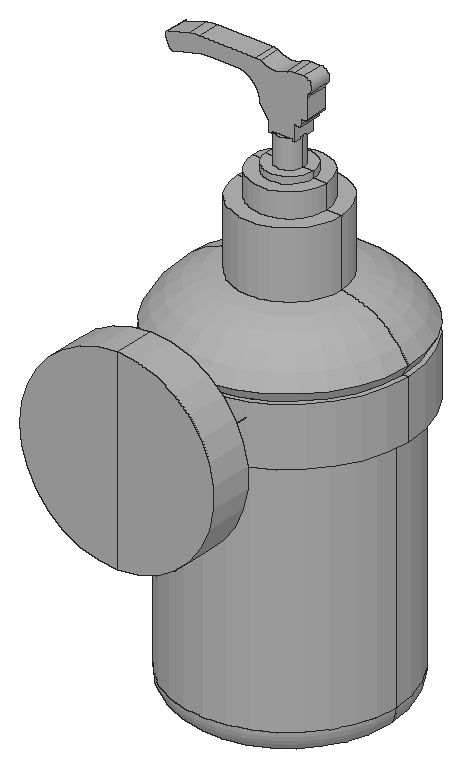
Revit family "TH6016661_Kit por 6 Accesorios Thames(Jabonera)", category Plumbing Fixtures, Revit 2019
Family settings
  Round Connector Dimension = Use Diameter
  Part Type = Normal
  OmniClass Number = 23.19.25.13.21.17
  OmniClass Title = Fittings
  Work Plane-Based = No
  Always vertical = Yes
  Cut with Voids When Loaded = No
  Shared = No
  Room Calculation Point = No
Parameters
  Uso = "Residencial"  # constant formula
  URL = "https://corona.co/productos/accesorios/kit-por-6-accesorios-thames/p/TH6016661"
  Resistencia = "Resistente a la corrosión pelado y decoloración por agua, Resistencia al peso general hasta 9 kg, Resistencia al peso del toallero barra hasta 23 kg"  # constant formula
  Número de piezas = "6"  # constant formula
  Materiales = "Cromado"  # constant formula
  Material = Corona_Cromo
  Línea = "Torino"  # constant formula
  Garantías de otros componentes = "2 años en acabados"  # constant formula
  Garantía = "30 años en estructura"  # constant formula
  Fecha de creación = "19/08/2020"  # constant formula
  Description = "Nuestro kit de accesorios que reflejan las últimas tendencias de diseño, convirtiéndose así en el mejor complemento para tu baño. ¡Pídelo ahora!"  # constant formula
  Creado por = "IDD"  # constant formula
  Componentes = "Percha, Toallero, Jabonera, Barra, Cepillera, Portarrollo"  # constant formula
  Colección = "Gama Media 2010"  # constant formula
  Acabado = "Cromado"  # constant formula
Reference planes
  plane 1 "Center (Front/Back)": y = 0
  plane 2: z = 0
  plane 3 "Center (Left/Right)": x = 0
Forms (mm)
  Extrusion 1, solid, material "Corona_Cromo" <- "Material", detail levels coarse
    sketch origin (0, 0, 0) x (1, 0, 0) y (0, 1, 0)
      loop
        line (-26.808, 0) -> (30.696, 0) -> (30.696, 77.753) -> (-26.808, 77.753) -> (-26.808, 0)
    from -70.174 to 64.389
  Revolve 2, solid, material "Corona_Cromo" <- "Material", detail levels medium+fine
    sketch origin (-311.74, 48.75, -176.374) x (1, 0, 0) y (0, 0, 1)
      loop
        line (313.763, 106.137) -> (313.763, 226.428) -> (310.545, 226.428) -> (310.545, 219.67) -> (308.082, 219.67) -> (308.082, 218.131) -> (305.005, 218.131) -> (305.005, 212.468) -> (301.342, 212.468) -> (301.342, 196.631)
        arc (301.342, 196.631) -> (291.997, 193.324) -> (285.429, 185.898) r 19.78
        line (285.429, 185.898) -> (286.722, 183.659) -> (285.429, 183.659) -> (285.429, 169.747) -> (288.241, 169.747) -> (288.241, 111.95)
        arc (288.241, 111.95) -> (289.944, 107.84) -> (294.054, 106.137) r 5.813
        line (294.054, 106.137) -> (313.763, 106.137)
      axis (313.763, 106.137) -> (313.763, 226.428)
    angle from 0 to 360
  Extrusion 3, solid, material "Corona_Cromo" <- "Material", detail levels medium+fine
    sketch origin (-152.583, 48.75, -251.467) x (-1, 0, 0) y (0, 0, -1)
      loop
        arc (-149.25, -307.054) -> (-149.405, -306.401) -> (-149.716, -305.806) r 2.703
        line (-149.716, -305.806) -> (-151.138, -303.756)
        arc (-151.138, -303.756) -> (-151.439, -303.141) -> (-151.542, -302.464) r 2.267
        line (-151.542, -302.464) -> (-151.542, -301.155) -> (-157.669, -301.155) -> (-157.669, -304.642) -> (-158.517, -304.642)
        arc (-158.517, -304.642) -> (-159.069, -304.871) -> (-159.297, -305.422) r 0.78
        line (-159.297, -305.422) -> (-159.297, -306.429) -> (-160.156, -306.429)
        arc (-160.156, -306.429) -> (-160.528, -306.583) -> (-160.681, -306.954) r 0.525
        line (-160.681, -306.954) -> (-160.681, -311.72)
        arc (-160.681, -311.72) -> (-160.766, -312.117) -> (-161.005, -312.444) r 0.97
        arc (-161.005, -312.444) -> (-161.53, -314.598) -> (-159.704, -315.856) r 1.954
        line (-159.704, -315.856) -> (-157.551, -315.856)
        arc (-157.551, -315.856) -> (-156.427, -315.709) -> (-155.38, -315.276) r 4.353
        arc (-155.38, -315.276) -> (-152.405, -314.546) -> (-149.499, -315.515) r 5.517
        arc (-149.499, -315.515) -> (-148.977, -315.769) -> (-148.403, -315.856) r 1.932
        line (-148.403, -315.856) -> (-135.014, -315.856)
        arc (-135.014, -315.856) -> (-133.754, -315.774) -> (-132.516, -315.527) r 9.65
        line (-132.516, -315.527) -> (-127.424, -314.163)
        arc (-127.424, -314.163) -> (-126.864, -313.693) -> (-126.864, -312.963) r 0.864
        line (-126.864, -312.963) -> (-127.891, -310.762)
        arc (-127.891, -310.762) -> (-128.217, -310.436) -> (-128.676, -310.396) r 0.674
        line (-128.676, -310.396) -> (-133.384, -311.657)
        arc (-133.384, -311.657) -> (-135.462, -312.071) -> (-137.577, -312.209) r 16.2
        line (-137.577, -312.209) -> (-143.504, -312.209)
        arc (-143.504, -312.209) -> (-147.363, -310.732) -> (-149.25, -307.054) r 5.78
    from -2.974 to 2.254
  Revolve 4, solid, material "Corona_Cromo" <- "Material", detail levels medium+fine
    sketch origin (-0.123, 85.192, 313.607) x (0, 0, -1) y (0, -1, 0)
      loop
        line (313.607, 40.192) -> (313.607, 85.192) -> (290.398, 85.192) -> (290.398, 75.192) -> (307.912, 75.192) -> (307.912, 40.192) -> (313.607, 40.192)
      axis (313.607, 40.192) -> (313.607, 85.192)
    angle from 0 to 360
Dimensions and locks
  aligned and locked: level to plane 2
